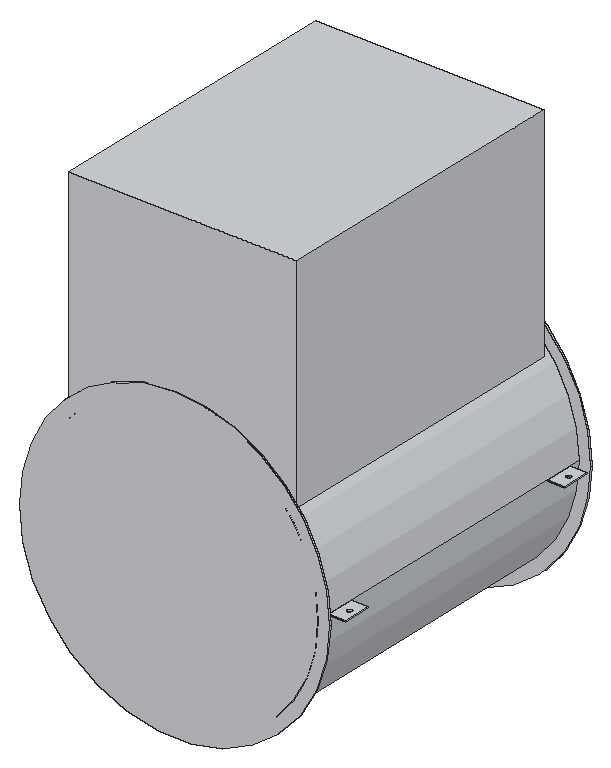
Revit family "VAB_Horizontal_Ceiling_Mount", category Mechanical Equipment, Revit 2019
Family settings
  Round Connector Dimension = Use Radius
  Part Type = Normal
  Work Plane-Based = No
  Always vertical = Yes
  Cut with Voids When Loaded = No
  Shared = No
  Room Calculation Point = No
Parameters (values of type "60_VAB_HOR_CEILING")
  Unit Weight [instance] = ""
  ModelID [instance] = ""
  M/2 = M / 2  # 0' - 0 17/32"
  M = 0' - 1 1/16"
  L/2 = L / 2  # 2' - 4 7/8"
  L = 4' - 9 3/4"
  K/2 = K / 2  # 0' - 2 13/16"
  K-((J-A)/2) = K - 0' 3"  # 0' - 2 5/8"
  K = 0' - 5 5/8"
  L-(C/2) = ZERO - (C / 2)  # -2' - 7 5/8"
  ZERO = 0' - 0"  # constant formula
  J/2 = J / 2  # 2' - 8 3/8"
  J-A = J - A - 0' 1"  # 0' - 3 3/4"
  J = 5' - 4 3/4"
  H-(A/2) = H - (A / 2)  # 2' - 11"
  H+L = H + ZERO  # 5' - 5"
  H = 5' - 5"
  Sones [instance] = ""
  Motor RPM [instance] = ""
  Motor Enclosure [instance] = ""
  LwA [instance] = ""
  G = 16' - 0"
  Fan RPM [instance] = ""
  F/2 = F / 2  # 0' - 0 9/32"
  F = 0' - 0 9/16"
  E/2 = E / 2  # 2' - 10 1/2"
  E-2" = E - 0' 2"  # 5' - 7"
  E = 5' - 9"
  C/2+L = C / 2 + ZERO  # 2' - 7 5/8"
  C/2 = C / 2  # 2' - 7 5/8"
  C = 5' - 3 1/4"
  B/2 = B / 2  # 2' - 8 23/32"
  B = 5' - 5 7/16"
  Accessories [instance] = ""
  A/3 = A / 2.5  # 2' - 0"
  A/2 = A / 2  # 2' - 6"
  A = 5' - 0"
  60 = 60.00°  # constant formula
  6 = 0' - 6"  # constant formula
  30 = 30.00°  # constant formula
  3" = 0' - 3"  # constant formula
  Brake Hp [instance] = ""
  4" = 0' - 4"  # constant formula
  2' = 2' - 0"
  2" = 0' - 2"  # constant formula
  1" = 0' - 1"  # constant formula
  0 = 0' - 0"  # constant formula
  Voltage [instance] = 0 V
  URL = "www.lorencook.com"
  Type Comments = "Fixed Pitch Vane Axial Horizontal Ceiling Mount Belt Drive Arrangement 9"  # constant formula
  Static Pressure [instance] = 0.00 in-wg
  Power [instance] = Voltage * Motor FLA * sqrt(if(Phase = 3, 3, 1))  # 0 VA
  Phase [instance] = 0
  Number of Poles [instance] = 1
  Motor Hp [instance] = "0"
  Motor FLA [instance] = 0 A
  Model = "VAB"  # constant formula
  Manufacturer = "Loren Cook Company"
  CFM [instance] = 0 CFM
  1.5 = 0' - 1 1/2"  # constant formula
  ONE EIGTH = 0' - 0 1/8"  # constant formula
  -E/2 = -E / 2  # -2' - 10 1/2"
  -(E-.25")/2 = -(E - 0' 0 1/4") / 2  # -2' - 10 3/8"
  (H-(A/2))/2 = (H - (A / 2)) / 2  # 1' - 5 1/2"
  (E-.25")/2 = (E - 0' 0 1/4") / 2  # 2' - 10 3/8"
  (A+.25")/2 = (A + 0' 0 1/4") / 2  # 2' - 6 1/8"
Types (12): name | M/2 | M | L/2 | L | K/2 | K-((J-A)/2) | K | L-(C/2) | J/2 | J-A | J | H-(A/2) | H+L | H | G | F/2 | F | E/2 | E-2" | E | C/2+L | C/2 | C | B/2 | B | A/3 | A/2 | A | -E/2 | -(E-.25")/2 | (H-(A/2))/2 | (E-.25")/2 | (A+.25")/2
  (no name) | 0' - 0 17/32" | 0' - 1 1/16" | 2' - 4 7/8" | 4' - 9 3/4" | 0' - 2 13/16" | 0' - 2 5/8" | 0' - 5 5/8" | -2' - 7 5/8" | 2' - 8 3/8" | 0' - 3 3/4" | 5' - 4 3/4" | 2' - 11" | 5' - 5" | 5' - 5" | 16' - 0" | 0' - 0 9/32" | 0' - 0 9/16" | 2' - 10 1/2" | 5' - 7" | 5' - 9" | 2' - 7 5/8" | 2' - 7 5/8" | 5' - 3 1/4" | 2' - 8 23/32" | 5' - 5 7/16" | 2' - 0" | 2' - 6" | 5' - 0" | -2' - 10 1/2" | -2' - 10 3/8" | 1' - 5 1/2" | 2' - 10 3/8" | 2' - 6 1/8"
  12_VAB_HOR_CEILING | 0' - 0 7/32" | 0' - 0 7/16" | 0' - 6 1/2" | 1' - 1" | 0' - 1 3/4" | 0' - 0 1/2" | 0' - 3 1/2" | -0' - 6 11/16" | 0' - 10 5/32" | 0' - 7 5/16" | 1' - 8 5/16" | 1' - 3" | 1' - 9" | 1' - 9" | 6' - 0" | 0' - 0 5/32" | 0' - 0 5/16" | 0' - 10" | 1' - 6" | 1' - 8" | 0' - 6 11/16" | 0' - 6 11/16" | 1' - 1 3/8" | 0' - 7 3/8" | 1' - 2 3/4" | 0' - 4.8" | 0' - 6" | 1' - 0" | -0' - 10" | -0' - 9 7/8" | 0' - 7 1/2" | 0' - 9 7/8" | 0' - 6 1/8"
  14_VAB_HOR_CEILING | 0' - 0 7/32" | 0' - 0 7/16" | 0' - 8" | 1' - 4" | 0' - 1 3/4" | 0' - 0 1/2" | 0' - 3 1/2" | -0' - 7 3/4" | 0' - 9 17/32" | 0' - 4 1/16" | 1' - 7 1/16" | 1' - 5" | 2' - 0" | 2' - 0" | 6' - 0" | 0' - 0 5/32" | 0' - 0 5/16" | 0' - 11 1/2" | 1' - 9" | 1' - 11" | 0' - 7 3/4" | 0' - 7 3/4" | 1' - 3 1/2" | 0' - 8 3/8" | 1' - 4 3/4" | 0' - 5.6" | 0' - 7" | 1' - 2" | -0' - 11 1/2" | -0' - 11 3/8" | 0' - 8 1/2" | 0' - 11 3/8" | 0' - 7 1/8"
  18_VAB_HOR_CEILING | 0' - 0 11/32" | 0' - 0 11/16" | 0' - 10 3/4" | 1' - 9 1/2" | 0' - 1 7/8" | 0' - 0 3/4" | 0' - 3 3/4" | -0' - 9 7/8" | 1' - 0 5/8" | 0' - 6 1/4" | 2' - 1 1/4" | 1' - 6 1/4" | 2' - 3 1/4" | 2' - 3 1/4" | 12' - 0" | 0' - 0 7/32" | 0' - 0 7/16" | 1' - 2 1/2" | 2' - 3" | 2' - 5" | 0' - 9 7/8" | 0' - 9 7/8" | 1' - 7 3/4" | 0' - 10 5/8" | 1' - 9 1/4" | 0' - 7.2" | 0' - 9" | 1' - 6" | -1' - 2 1/2" | -1' - 2 3/8" | 0' - 9 1/8" | 1' - 2 3/8" | 0' - 9 1/8"
  21_VAB_HOR_CEILING | 0' - 0 11/32" | 0' - 0 11/16" | 0' - 11 3/4" | 1' - 11 1/2" | 0' - 1 7/8" | 0' - 0 3/4" | 0' - 3 3/4" | -0' - 11 3/8" | 1' - 1 3/32" | 0' - 4 3/16" | 2' - 2 3/16" | 1' - 9" | 2' - 7 1/2" | 2' - 7 1/2" | 12' - 0" | 0' - 0 7/32" | 0' - 0 7/16" | 1' - 3 1/2" | 2' - 5" | 2' - 7" | 0' - 11 3/8" | 0' - 11 3/8" | 1' - 10 3/4" | 1' - 0 1/8" | 2' - 0 1/4" | 0' - 8.4" | 0' - 10 1/2" | 1' - 9" | -1' - 3 1/2" | -1' - 3 3/8" | 0' - 10 1/2" | 1' - 3 3/8" | 0' - 10 5/8"
  26_VAB_HOR_CEILING | 0' - 0 11/32" | 0' - 0 11/16" | 0' - 11 3/4" | 1' - 11 1/2" | 0' - 2 1/8" | 0' - 1 1/4" | 0' - 4 1/4" | -1' - 2" | 1' - 2 29/32" | 0' - 2 13/16" | 2' - 5 13/16" | 1' - 9 1/2" | 2' - 10 1/2" | 2' - 10 1/2" | 12' - 0" | 0' - 0 7/32" | 0' - 0 7/16" | 1' - 4" | 2' - 6" | 2' - 8" | 1' - 2" | 1' - 2" | 2' - 4" | 1' - 3 5/32" | 2' - 6 5/16" | 0' - 10.4" | 1' - 1" | 2' - 2" | -1' - 4" | -1' - 3 7/8" | 0' - 10 3/4" | 1' - 3 7/8" | 1' - 1 1/8"
  29_VAB_HOR_CEILING | 0' - 0 11/32" | 0' - 0 11/16" | 1' - 1 3/4" | 2' - 3 1/2" | 0' - 2 1/8" | 0' - 1 1/4" | 0' - 4 1/4" | -1' - 3 1/2" | 1' - 5 5/32" | 0' - 4 5/16" | 2' - 10 5/16" | 2' - 2" | 3' - 4 1/2" | 3' - 4 1/2" | 12' - 0" | 0' - 0 7/32" | 0' - 0 7/16" | 1' - 6" | 2' - 10" | 3' - 0" | 1' - 3 1/2" | 1' - 3 1/2" | 2' - 7" | 1' - 4 21/32" | 2' - 9 5/16" | 0' - 11.6" | 1' - 2 1/2" | 2' - 5" | -1' - 6" | -1' - 5 7/8" | 1' - 1" | 1' - 5 7/8" | 1' - 2 5/8"
  36_VAB_HOR_CEILING | 0' - 0 7/16" | 0' - 0 7/8" | 1' - 4 3/8" | 2' - 8 3/4" | 0' - 2 5/16" | 0' - 1 5/8" | 0' - 4 5/8" | -1' - 7" | 1' - 7 7/8" | 0' - 2 3/4" | 3' - 3 3/4" | 2' - 3 1/2" | 3' - 9 1/2" | 3' - 9 1/2" | 16' - 0" | 0' - 0 9/32" | 0' - 0 9/16" | 1' - 9" | 3' - 4" | 3' - 6" | 1' - 7" | 1' - 7" | 3' - 2" | 1' - 8 5/32" | 3' - 4 5/16" | 1' - 2.4" | 1' - 6" | 3' - 0" | -1' - 9" | -1' - 8 7/8" | 1' - 1 3/4" | 1' - 8 7/8" | 1' - 6 1/8"
  42_VAB_HOR_CEILING | 0' - 0 7/16" | 0' - 0 7/8" | 1' - 8 3/8" | 3' - 4 3/4" | 0' - 2 5/16" | 0' - 1 5/8" | 0' - 4 5/8" | -1' - 10 3/16" | 1' - 10 7/8" | 0' - 2 3/4" | 3' - 9 3/4" | 2' - 5 1/2" | 4' - 2 1/2" | 4' - 2 1/2" | 16' - 0" | 0' - 0 9/32" | 0' - 0 9/16" | 2' - 1" | 4' - 0" | 4' - 2" | 1' - 10 3/16" | 1' - 10 3/16" | 3' - 8 3/8" | 1' - 10 21/32" | 3' - 9 5/16" | 1' - 4.8" | 1' - 9" | 3' - 6" | -2' - 1" | -2' - 0 7/8" | 1' - 2 3/4" | 2' - 0 7/8" | 1' - 9 1/8"
  48_VAB_HOR_CEILING | 0' - 0 7/16" | 0' - 0 7/8" | 1' - 10 7/8" | 3' - 9 3/4" | 0' - 2 9/16" | 0' - 2 1/8" | 0' - 5 1/8" | -2' - 1 1/4" | 2' - 1 7/8" | 0' - 2 3/4" | 4' - 3 3/4" | 2' - 6" | 4' - 6" | 4' - 6" | 16' - 0" | 0' - 0 9/32" | 0' - 0 9/16" | 2' - 4" | 4' - 6" | 4' - 8" | 2' - 1 1/4" | 2' - 1 1/4" | 4' - 2 1/2" | 2' - 2 19/32" | 4' - 5 3/16" | 1' - 7.2" | 2' - 0" | 4' - 0" | -2' - 4" | -2' - 3 7/8" | 1' - 3" | 2' - 3 7/8" | 2' - 0 1/8"
  54_VAB_HOR_CEILING | 0' - 0 17/32" | 0' - 1 1/16" | 2' - 1 3/8" | 4' - 2 3/4" | 0' - 2 13/16" | 0' - 2 5/8" | 0' - 5 5/8" | -2' - 4 1/4" | 2' - 5 3/8" | 0' - 3 3/4" | 4' - 10 3/4" | 2' - 8 1/2" | 4' - 11 1/2" | 4' - 11 1/2" | 16' - 0" | 0' - 0 9/32" | 0' - 0 9/16" | 2' - 7" | 5' - 0" | 5' - 2" | 2' - 4 1/4" | 2' - 4 1/4" | 4' - 8 1/2" | 2' - 5 23/32" | 4' - 11 7/16" | 1' - 9.6" | 2' - 3" | 4' - 6" | -2' - 7" | -2' - 6 7/8" | 1' - 4 1/4" | 2' - 6 7/8" | 2' - 3 1/8"
  60_VAB_HOR_CEILING | 0' - 0 17/32" | 0' - 1 1/16" | 2' - 4 7/8" | 4' - 9 3/4" | 0' - 2 13/16" | 0' - 2 5/8" | 0' - 5 5/8" | -2' - 7 5/8" | 2' - 8 3/8" | 0' - 3 3/4" | 5' - 4 3/4" | 2' - 11" | 5' - 5" | 5' - 5" | 16' - 0" | 0' - 0 9/32" | 0' - 0 9/16" | 2' - 10 1/2" | 5' - 7" | 5' - 9" | 2' - 7 5/8" | 2' - 7 5/8" | 5' - 3 1/4" | 2' - 8 23/32" | 5' - 5 7/16" | 2' - 0" | 2' - 6" | 5' - 0" | -2' - 10 1/2" | -2' - 10 3/8" | 1' - 5 1/2" | 2' - 10 3/8" | 2' - 6 1/8"
Reference planes (in)
  plane 1 "Center (Front/Back)": y = 0
  plane 2: z = 0
  plane 3 "Center (Left/Right)": x = 0.40541
Forms (in)
  Extrusion 1, solid
    sketch origin (0, 0, 0) x (1, 0, 0) y (0, 0, 1)
      loop
        circle (0.40541, 0) r 32.71875
    from 34.5 <- "E/2" to -34.5 <- "-E/2"
  Extrusion 2, void
    sketch origin (0, 0, 0) x (1, 0, 0) y (0, 0, 1)
      loop
        circle (0.40541, 0) r 32.71875
      loop
        circle (0.40541, 0) r 30.125
    from 34.375 <- "(E-.25")/2" to -34.375 <- "-(E-.25")/2"
  Extrusion 3, solid
    sketch origin (0, -34.375, 0) x (-1, 0, 0) y (0, 0, 1)
      loop
        line (23.59459, 18.20757) -> (23.59459, 65) -> (-24.40541, 65) -> (-24.40541, 18.20757)
        arc (-24.40541, 18.20757) -> (-0.40541, 30.125) -> (23.59459, 18.20757) r 30.125
    from 2 to 67 <- "E-2""
  Extrusion 4, solid
    sketch origin (0, 0, 0) x (1, 0, 0) y (0, 1, 0)
      loop
        line (-33.46959, 31.875) -> (-33.46959, 25.875) -> (-29.71959, 25.875) -> (-29.71959, 31.875) -> (-33.46959, 31.875)
      loop
        line (34.28041, 31.875) -> (30.53041, 31.875) -> (30.53041, 25.875) -> (34.28041, 25.875) -> (34.28041, 31.875)
      loop
        line (34.28041, -31.875) -> (34.28041, -25.875) -> (30.53041, -25.875) -> (30.53041, -31.875) -> (34.28041, -31.875)
      loop
        line (-33.46959, -31.875) -> (-29.71959, -31.875) -> (-29.71959, -25.875) -> (-33.46959, -25.875) -> (-33.46959, -31.875)
    from 0 to 0.125
  Extrusion 5, void
    sketch origin (0, 0, 0) x (1, 0, 0) y (0, 1, 0)
      loop
        circle (-31.96959, 28.875) r 0.53125
      loop
        circle (32.78041, 28.875) r 0.53125
      loop
        circle (32.78041, -28.875) r 0.53125
      loop
        circle (-31.96959, -28.875) r 0.53125
    from 0 to 0.125
Cuts and joins
  Extrusion 2, Extrusion 5 cuts Extrusion 1
  Extrusion 5 cuts Extrusion 4
Dimensions and locks (in)
  "0": Extrusion 1 sketch curve to plane 3 "Center (Left/Right)"
  "ZERO": Extrusion 1 sketch curve to level
  "0": Extrusion 2 sketch curve to plane 3 "Center (Left/Right)"  (x2)
  "ZERO": Extrusion 2 sketch curve to level  (x2)
  "0": Extrusion 3 sketch curve to plane 3 "Center (Left/Right)"
  "ZERO": Extrusion 3 sketch curve to level
  "H+L": Extrusion 3 sketch curve to level
  "A/3": plane 3 "Center (Left/Right)" to Extrusion 3 sketch curve  (x2)
  "(A+.25")/2": Extrusion 4 sketch curve to plane 3 "Center (Left/Right)"  (x4)
  "J-A": Extrusion 4 sketch curve to Extrusion 4 sketch curve  (x4)
  "6": Extrusion 4 sketch curve to Extrusion 4 sketch curve  (x4)
  "K-((J-A)/2)": cut or joined group of Extrusion 1, Extrusion 2, Extrusion 5 to Extrusion 4 sketch curve  (x3)
  "K-((J-A)/2)": Extrusion 4 sketch curve to cut or joined group of Extrusion 1, Extrusion 2, Extrusion 5
  "J/2": Extrusion 5 sketch curve to plane 3 "Center (Left/Right)"  (x4)
  "L/2": plane 1 "Center (Front/Back)" to Extrusion 5 sketch curve  (x4)
  "B/2": radius of Extrusion 1 sketch curve
  "(A+.25")/2": radius of Extrusion 2 sketch curve
  "B/2": radius of Extrusion 2 sketch curve
  "(A+.25")/2": radius of Extrusion 3 sketch curve
  "M/2": radius of Extrusion 5 sketch curve  (x4)
Automatic sketch dimensions
  Extrusion 3 sketch curve to Extrusion 3 sketch curve = 0' - 0"
Connectors (in)
  electrical at (24.40541, 0.125, 41.60379)
    settings: on Extrusion 3, index 1, voltage 0 V, apparent load 0 VA, apparent load phase1 0 VA, apparent load phase2 0 VA, apparent load phase3 0 VA, power factor 1, load classification "Other", number of poles 1, system type 30, power factor state 1, is connector primary yes, connector utility no, sub classification motor no, connector description ""
  hvac at (0.40541, -34.5, 0), driven by "A/2"
    settings: on cut or joined group of Extrusion 1, Extrusion 2, Extrusion 5, index 2, duct flow 0 CFM, flow factor 0, pres drop 0.00 in-wg, loss coef 0, conn angle 0.00°, conn width 12", conn height 12", conn diameter 60", duct sys type 29, conn prof type 0, flow config 0, flow direction 2, loss method 0, conn ref index -1, conn util no, is conn primary yes, conn desc ""
  hvac at (0.40541, 34.5, 0), driven by "A/2"
    settings: on cut or joined group of Extrusion 1, Extrusion 2, Extrusion 5, index 3, duct flow 0 CFM, flow factor 0, pres drop 0.00 in-wg, loss coef 0, conn angle 0.00°, conn width 12", conn height 12", conn diameter 60", duct sys type 29, conn prof type 0, flow config 0, flow direction 1, loss method 0, conn ref index -1, conn util no, is conn primary no, conn desc ""
